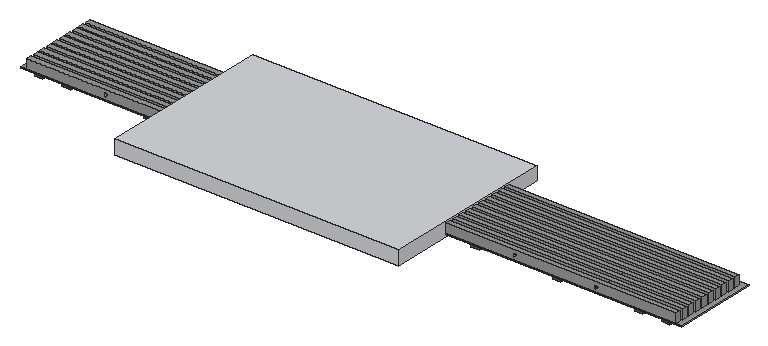
Revit family "1412-10, Veneer", category Generic Models, host Face, Revit 2020
Family settings
  Host = Face
  Can host rebar = No
  Round Connector Dimension = Use Diameter
  Part Type = Normal
  Cut with Voids When Loaded = No
  Shared = No
  Room Calculation Point = No
Parameters
  min_value [instance] = 2' - 4"  # constant formula
  max_value [instance] = 9' - 11 1/4"  # constant formula
  actual_value [instance] = if(NET LENGTH < min_value, min_value, if(NET LENGTH > max_value, max_value, NET LENGTH))  # 7' - 11 1/4"
  SCRIM MATERIAL [instance] = SCRIM
  SCRIM APPEARANCE [instance] = yes
  NET LENGTH [instance] = 7' - 11 1/4"
  IMPORTANT NOTE!!!                                                                             *Backer & dowel layout is for visualization purposes only, final layout to be determined by 9Wood. [instance] = ""
  Default Elevation = 4' - 0"
  DOWEL RADIUS [instance] = 0' - 0 1/4"  # constant formula
  BACKER & DOWEL MATERIAL [instance] = BLACK-BACKERS
  .. MEMBER WIDTH [instance] = 0' - 0 3/4"  # constant formula
  .. MEMBER MATERIAL [instance] = Veneer Cherry
  .. MEMBER DEPTH [instance] = 0' - 1 3/8"  # constant formula
  .. MEMBER COUNT [instance] = 10  # constant formula
Reference planes (in)
  plane 1 "Center (Front/Back)": y = 0
  plane 2: z = 0
  plane 3 "Center (Left/Right)": x = 0
Forms (in)
  Extrusion 1, solid
    sketch origin (0, 0, 0) x (1, 0, 0) y (0, 1, 0)
      loop
        line (-24.24823, 14.63962) -> (-24.24823, -10.69266) -> (17.36192, -10.69266) -> (17.36192, 14.63962) -> (-24.24823, 14.63962)
    from 0 to 2.0625
Dimensions and locks (in)
  aligned and locked: plane 2 to Extrusion 1
Nested families (in)
  nested 1: "1400 series" at (-44.01308, -2.1224, 0.00189), NET LENGTH <- "actual_value", .. MEMBER DEPTH <- ".. MEMBER DEPTH", .. MEMBER WIDTH <- ".. MEMBER WIDTH", DOWEL RADIUS <- "DOWEL RADIUS", BACKER & DOWEL MATERIAL <- "BACKER & DOWEL MATERIAL", .. MEMBER MATERIAL <- ".. MEMBER MATERIAL", SCRIM MATERIAL <- "SCRIM MATERIAL", MEMBER COUNT <- ".. MEMBER COUNT", SCRIM APPEARANCE <- "SCRIM APPEARANCE", type "1400 series"
    with X 7' - 8", SCRIM MATERIAL SCRIM, SCRIM LENGTH 8' - 1", SCRIM APPEARANCE yes, SCRIM 2 0' - 0 7/8", SCRIM 1 0' - 0 3/32", OC TYP 1' - 0", NET LENGTH 7' - 11 1/4", N 8, MEMBER COUNT 10, INSET 2 0' - 0 3/16", INSET 0' - 1", HALF MEMBER WIDTH 0' - 0 3/8", END BACKER yes, DOWEL RADIUS 0' - 0 1/4", DOWEL INDEX 0' - 11 5/8", DOWEL COUNT 7, BACKING M COUNT 8, BACKER WIDTH 0' - 1 1/4", BACKER INDEX 0' - 5 5/8", BACKER DEPTH 0' - 0 1/2", BACKER & DOWEL MATERIAL BLACK-BACKERS, BACKER &  DOWEL LENGTH 0' - 11 7/8", .. MEMBER WIDTH 0' - 0 3/4", .. MEMBER OC TYP 0' - 1.2", .. MEMBER MATERIAL Veneer Cherry, .. MEMBER DEPTH 0' - 1 3/8"
Definition of nested family "1400 series"
  Parameters (values of type "1400 series")
    X [instance] = NET LENGTH - 0' 3 1/4"  # 7' - 2"
    SCRIM MATERIAL [instance] = none
    SCRIM APPEARANCE [instance] = yes
    SCRIM 2 [instance] = 0' - 0 7/8"  # constant formula
    SCRIM 1 [instance] = 0' - 0 3/32"  # constant formula
    OC TYP [instance] = 1' - 0"  # constant formula
    N [instance] = if((X - (rounddown(X / 1' 0") * 1' 0")) > 1' 0", rounddown(X / 1' 0") + 2, rounddown(X / 1' 0") + 1)  # 8
    MEMBER COUNT [instance] = 2
    INSET 5 = 0' - 0 11/16"  # constant formula
    INSET 2 [instance] = 0' - 0 3/16"  # constant formula
    INSET [instance] = 0' - 1"  # constant formula
    END BACKER [instance] = BACKER INDEX > 0' 3 5/8"  # no
    HALF MEMBER WIDTH [instance] = .. MEMBER WIDTH / 2  # 0' - 1 1/8"
    Default Elevation = 0' - 0"
    DOWEL RADIUS [instance] = 0' - 0 1/4"
    DOWEL INDEX [instance] = BACKER INDEX + 0' 6"  # 0' - 8 5/8"
    DOWEL COUNT [instance] = N - 1  # 7
    BACKER WIDTH [instance] = 0' - 1 1/4"  # constant formula
    BACKER INDEX [instance] = (NET LENGTH - ((N - 1) * 1' 0")) / 2  # 0' - 2 5/8"
    BACKER DEPTH [instance] = 0' - 0 1/2"  # constant formula
    BACKING M COUNT [instance] = N  # 8
    BACKER & DOWEL MATERIAL [instance] = none
    BACKER &  DOWEL LENGTH [instance] = 0' - 11 7/8"  # constant formula
    SCRIM LENGTH [instance] = NET LENGTH + (SCRIM 2 * 2)  # 7' - 7"
    .. MEMBER WIDTH [instance] = 0' - 2 1/4"
    .. MEMBER OC TYP [instance] = 1' 0" / MEMBER COUNT  # 0' - 6"
    .. MEMBER MATERIAL [instance] = none
    NET LENGTH [instance] = 7' - 5 1/4"
    .. MEMBER DEPTH [instance] = 0' - 4"
  Reference planes (in)
    plane 1 "Center (Front/Back)": y = 0
    plane 2: z = 0
    plane 3 "Center (Left/Right)": x = 0
    plane 4: x = 89.25
    plane 5: x = 1
    plane 6: x = 88.25
    plane 7: x = 2.625
    plane 8: x = 8.625
    plane 9: x = 14.625
    plane 10: x = 20.625
    plane 11: y = 0.1875
    plane 12: y = 1.125
    plane 13: y = 7.125
    plane 14: y = 12.0625
    plane 15: x = 90.125
    plane 16: x = -0.875
    plane 17: y = 12.15625
    plane 18: y = -0.09375
    plane 19: z = 2.7097
    plane 20: z = 0.49811
    plane 21: z = 0.56061
    plane 22: z = 1.24811
  Lines and regions (in)
    model lines, not visible
      curve 1: line (8.625, 0, 0.99811) -> (8.625, 0, 1.49811)
      curve 2: line (8.625, 0, 1.49811) -> (8.375, 0, 1.24811)
      curve 3: line (8.375, 0, 1.24811) -> (8.875, 0, 1.24811)
      curve 4: line (20.625, 0, 0.99811) -> (20.625, 0, 1.49811)
      curve 5: line (20.625, 0, 1.49811) -> (20.375, 0, 1.24811)
      curve 6: line (20.375, 0, 1.24811) -> (20.875, 0, 1.24811)
      curve 7: line (32.625, 0, 0.99811) -> (32.625, 0, 1.49811)
      curve 8: line (32.625, 0, 1.49811) -> (32.375, 0, 1.24811)
      curve 9: line (32.375, 0, 1.24811) -> (32.875, 0, 1.24811)
      curve 10: line (44.625, 0, 0.99811) -> (44.625, 0, 1.49811)
      curve 11: line (44.625, 0, 1.49811) -> (44.375, 0, 1.24811)
      curve 12: line (44.375, 0, 1.24811) -> (44.875, 0, 1.24811)
      curve 13: line (56.625, 0, 0.99811) -> (56.625, 0, 1.49811)
      curve 14: line (56.625, 0, 1.49811) -> (56.375, 0, 1.24811)
      curve 15: line (56.375, 0, 1.24811) -> (56.875, 0, 1.24811)
      curve 16: line (68.625, 0, 0.99811) -> (68.625, 0, 1.49811)
      curve 17: line (68.625, 0, 1.49811) -> (68.375, 0, 1.24811)
      curve 18: line (68.375, 0, 1.24811) -> (68.875, 0, 1.24811)
      curve 19: line (80.625, 0, 0.99811) -> (80.625, 0, 1.49811)
      curve 20: line (80.625, 0, 1.49811) -> (80.375, 0, 1.24811)
      curve 21: line (80.375, 0, 1.24811) -> (80.875, 0, 1.24811)
  Dimensions and locks (in)
    "INSET": plane 3 "Center (Left/Right)" to plane 5
    "NET LENGTH": plane 3 "Center (Left/Right)" to plane 4
    "INSET": plane 6 to plane 4
    "BACKER INDEX": plane 3 "Center (Left/Right)" to plane 7
    "DOWEL INDEX": plane 3 "Center (Left/Right)" to plane 8
    "OC TYP": plane 7 to plane 9
    "OC TYP": plane 8 to plane 10
    "INSET 2": plane 1 "Center (Front/Back)" to plane 11
    equal spacing: group 1, group 2, group 5, group 6, group 7, group 13, group 14, group 16  (x3)
    equal spacing: group 3, group 4, group 8, group 9, group 10, group 15, group 17  (x3)
    group 11 to group 12 = 0' - 0"  (x2)
    group 11 to group 12 = 0' - 6"
    ".. MEMBER OC TYP": plane 13 to plane 12
    "HALF MEMBER WIDTH": plane 1 "Center (Front/Back)" to plane 12
    "SCRIM 2": plane 16 to plane 3 "Center (Left/Right)"
    "SCRIM 2": plane 4 to plane 15
    "SCRIM 1": plane 18 to plane 1 "Center (Front/Back)"
    "SCRIM 1": plane 17 to plane 14
    "INSET 5": plane 22 to plane 21
    aligned and locked: level to plane 2
    aligned and locked: plane 7 to nested 2
    aligned and locked: plane 5 to nested 1
    aligned and locked: plane 9 to nested 3
    aligned and locked: nested 1 to plane 5
    aligned and locked: nested 2 to plane 11
    aligned and locked: nested 1 to plane 11
    aligned and locked: nested 3 to plane 11
    aligned and locked: nested 4 to plane 11  (x2)
    aligned and locked: plane 10 to nested 5
    aligned and locked: plane 6 to nested 12
    aligned and locked: nested 5 to plane 11
    aligned and locked: plane 11 to nested 12
    aligned and locked: plane 12 to nested 13
    aligned and locked: nested 14 to plane 13
    aligned and locked: plane 14 to nested 8
    aligned and locked: plane 16 to nested 15
    aligned and locked: nested 15 to plane 18
    aligned and locked: nested 15 to plane 17
    aligned and locked: nested 15 to plane 16  (x2)
    aligned and locked: nested 1 to level
    aligned and locked: level to nested 3
    aligned and locked: plane 20 to nested 2
    aligned and locked: plane 20 to nested 1
    aligned and locked: plane 20 to nested 3
    aligned and locked: nested 12 to plane 20
    aligned and locked: nested 15 to plane 20
    aligned and locked: plane 21 to nested 15
    aligned and locked: nested 13 to plane 21
    aligned and locked: plane 22 to nested 4
    aligned and locked: plane 22 to nested 5
    aligned and locked: nested 13 to plane 8
    aligned and locked: plane 10 to nested 13
    aligned and locked: curve 1 to nested 13
    aligned and locked: nested 13 to curve 4
  Automatic sketch dimensions
    curve 3 to curve 1 = 0' - 0 1/4"  (x2)
    curve 1 to curve 3 = 0' - 0 1/4"
    curve 1 to curve 2 = 0' - 0 1/4"
    curve 6 to curve 4 = 0' - 0 1/4"  (x2)
    curve 4 to curve 6 = 0' - 0 1/4"
    curve 4 to curve 5 = 0' - 0 1/4"
    curve 9 to curve 7 = 0' - 0 1/4"  (x2)
    curve 7 to curve 9 = 0' - 0 1/4"
    curve 7 to curve 8 = 0' - 0 1/4"
    curve 12 to curve 10 = 0' - 0 1/4"  (x2)
    curve 10 to curve 12 = 0' - 0 1/4"
    curve 10 to curve 11 = 0' - 0 1/4"
    curve 15 to curve 13 = 0' - 0 1/4"  (x2)
    curve 13 to curve 15 = 0' - 0 1/4"
    curve 13 to curve 14 = 0' - 0 1/4"
    curve 18 to curve 16 = 0' - 0 1/4"  (x2)
    curve 16 to curve 18 = 0' - 0 1/4"
    curve 16 to curve 17 = 0' - 0 1/4"
    curve 21 to curve 19 = 0' - 0 1/4"  (x2)
    curve 19 to curve 21 = 0' - 0 1/4"
    curve 19 to curve 20 = 0' - 0 1/4"
  Nested families (in)
    nested 1: "INSTANCE - 3RD -  EXTEND BOTH SIDES - Parametric Cube.0001" at (1, 0.1875, 0.49811), Length <- "BACKER &  DOWEL LENGTH", Width <- "BACKER WIDTH", Height <- "BACKER DEPTH", Material <- "BACKER & DOWEL MATERIAL", visible <- "END BACKER", type "INSTANCE - 3RD -  EXTEND BOTH SIDES - Parametric Cube.0001"
      with Width 0' - 1 1/4", Material none, Length 0' - 11 7/8", Height 0' - 0 1/2"
    nested 2: "INSTANCE - 2ND -  EXTEND SIDE H CENTER W - Parametric Cube.0001" at (2.625, 0.1875, 0.49811), Width <- "BACKER WIDTH", Length <- "BACKER &  DOWEL LENGTH", Height <- "BACKER DEPTH", Material <- "BACKER & DOWEL MATERIAL", type "INSTANCE - 2ND -  EXTEND SIDE H CENTER W - Parametric Cube.0001"
      with Width 0' - 1 1/4", Material none, Length 0' - 11 7/8", Height 0' - 0 1/2"
    nested 3: "INSTANCE - 2ND -  EXTEND SIDE H CENTER W - Parametric Cube.0001" at (14.625, 0.1875, 0.49811), Width <- "BACKER WIDTH", Length <- "BACKER &  DOWEL LENGTH", Height <- "BACKER DEPTH", Material <- "BACKER & DOWEL MATERIAL", type "INSTANCE - 2ND -  EXTEND SIDE H CENTER W - Parametric Cube.0001"
      with Width 0' - 1 1/4", Material none, Length 0' - 11 7/8", Height 0' - 0 1/2"
    nested 4: "DOWEL" at (-1.375, 0.1875, 1.24811), DOWEL LENGTH <- "BACKER &  DOWEL LENGTH", DOWEL RADII <- "DOWEL RADIUS", BACKING MEM MATERIAL <- "BACKER & DOWEL MATERIAL", type "DOWEL"
      with DOWEL RADII 0' - 0 1/4", DOWEL LENGTH 0' - 11 7/8", BACKING MEM MATERIAL none
    nested 5: "DOWEL" at (10.625, 0.1875, 1.24811), DOWEL LENGTH <- "BACKER &  DOWEL LENGTH", DOWEL RADII <- "DOWEL RADIUS", BACKING MEM MATERIAL <- "BACKER & DOWEL MATERIAL", type "DOWEL"
      with DOWEL RADII 0' - 0 1/4", DOWEL LENGTH 0' - 11 7/8", BACKING MEM MATERIAL none
    nested 6: "INSTANCE - 2ND -  EXTEND SIDE H CENTER W - Parametric Cube.0001" at (26.625, 0.1875, 0.49811), Width <- "BACKER WIDTH", Length <- "BACKER &  DOWEL LENGTH", Height <- "BACKER DEPTH", Material <- "BACKER & DOWEL MATERIAL", type "INSTANCE - 2ND -  EXTEND SIDE H CENTER W - Parametric Cube.0001"
      with Width 0' - 1 1/4", Material none, Length 0' - 11 7/8", Height 0' - 0 1/2"
    nested 7: "INSTANCE - 2ND -  EXTEND SIDE H CENTER W - Parametric Cube.0001" at (38.625, 0.1875, 0.49811), Width <- "BACKER WIDTH", Length <- "BACKER &  DOWEL LENGTH", Height <- "BACKER DEPTH", Material <- "BACKER & DOWEL MATERIAL", type "INSTANCE - 2ND -  EXTEND SIDE H CENTER W - Parametric Cube.0001"
      with Width 0' - 1 1/4", Material none, Length 0' - 11 7/8", Height 0' - 0 1/2"
    nested 8: "INSTANCE - 2ND -  EXTEND SIDE H CENTER W - Parametric Cube.0001" at (50.625, 0.1875, 0.49811), Width <- "BACKER WIDTH", Length <- "BACKER &  DOWEL LENGTH", Height <- "BACKER DEPTH", Material <- "BACKER & DOWEL MATERIAL", type "INSTANCE - 2ND -  EXTEND SIDE H CENTER W - Parametric Cube.0001"
      with Width 0' - 1 1/4", Material none, Length 0' - 11 7/8", Height 0' - 0 1/2"
    nested 9: "DOWEL" at (22.625, 0.1875, 1.24811), DOWEL LENGTH <- "BACKER &  DOWEL LENGTH", DOWEL RADII <- "DOWEL RADIUS", BACKING MEM MATERIAL <- "BACKER & DOWEL MATERIAL", type "DOWEL"
      with DOWEL RADII 0' - 0 1/4", DOWEL LENGTH 0' - 11 7/8", BACKING MEM MATERIAL none
    nested 10: "DOWEL" at (34.625, 0.1875, 1.24811), DOWEL LENGTH <- "BACKER &  DOWEL LENGTH", DOWEL RADII <- "DOWEL RADIUS", BACKING MEM MATERIAL <- "BACKER & DOWEL MATERIAL", type "DOWEL"
      with DOWEL RADII 0' - 0 1/4", DOWEL LENGTH 0' - 11 7/8", BACKING MEM MATERIAL none
    nested 11: "DOWEL" at (46.625, 0.1875, 1.24811), DOWEL LENGTH <- "BACKER &  DOWEL LENGTH", DOWEL RADII <- "DOWEL RADIUS", BACKING MEM MATERIAL <- "BACKER & DOWEL MATERIAL", type "DOWEL"
      with DOWEL RADII 0' - 0 1/4", DOWEL LENGTH 0' - 11 7/8", BACKING MEM MATERIAL none
    nested 12: "INSTANCE - 3RD -  EXTEND BOTH SIDES - Parametric Cube.0001" at (88.25, 0.1875, 0.49811) x (-1, 0, 0) z (0, 0, 1), Width <- "BACKER WIDTH", Length <- "BACKER &  DOWEL LENGTH", Height <- "BACKER DEPTH", Material <- "BACKER & DOWEL MATERIAL", visible <- "END BACKER", type "INSTANCE - 3RD -  EXTEND BOTH SIDES - Parametric Cube.0001"
      with Width 0' - 1 1/4", Material none, Length 0' - 11 7/8", Height 0' - 0 1/2"
    nested 13: "HOLED MEMBER" at (0, -9.75, 8.12965), DOWEL INDEX <- "DOWEL INDEX", .. MEMBER LENGTH <- "NET LENGTH", .. MEMBER WIDTH <- ".. MEMBER WIDTH", DOWEL OC DIST <- "OC TYP", DOWEL RADII <- "DOWEL RADIUS", Material <- ".. MEMBER MATERIAL", DEPTH <- ".. MEMBER DEPTH", DOWEL COUNT <- "DOWEL COUNT", Space <- "INSET 5", type "HOLED MEMBER"
      with Space 0' - 0 11/16", Material none, Height 0' - 10.43096", HALF MEMBER WIDTH 0' - 1 1/8", DOWEL RADII 0' - 0 1/4", DOWEL OC DIST 1' - 0", DOWEL INDEX 0' - 8 5/8", DOWEL COUNT 7, DEPTH 0' - 4", .. MEMBER WIDTH 0' - 2 1/4", .. MEMBER LENGTH 7' - 5 1/4"
    nested 14: "HOLED MEMBER" at (0, -3.75, 8.12965), DOWEL INDEX <- "DOWEL INDEX", .. MEMBER LENGTH <- "NET LENGTH", .. MEMBER WIDTH <- ".. MEMBER WIDTH", DOWEL OC DIST <- "OC TYP", DOWEL RADII <- "DOWEL RADIUS", Material <- ".. MEMBER MATERIAL", DEPTH <- ".. MEMBER DEPTH", DOWEL COUNT <- "DOWEL COUNT", Space <- "INSET 5", type "HOLED MEMBER"
      with Space 0' - 0 11/16", Material none, Height 0' - 10.43096", HALF MEMBER WIDTH 0' - 1 1/8", DOWEL RADII 0' - 0 1/4", DOWEL OC DIST 1' - 0", DOWEL INDEX 0' - 8 5/8", DOWEL COUNT 7, DEPTH 0' - 4", .. MEMBER WIDTH 0' - 2 1/4", .. MEMBER LENGTH 7' - 5 1/4"
    nested 15: "INSTANCE - 3RD -  EXTEND BOTH SIDES - Parametric Cube.0001" at (-0.875, -0.09375, 0.56061), Width <- "SCRIM LENGTH", Material <- "SCRIM MATERIAL", visible <- "SCRIM APPEARANCE", type "INSTANCE - 3RD -  EXTEND BOTH SIDES - Parametric Cube.0001"
      with Width 7' - 7", Material none, Length 1' - 0 1/4", Height 0' - 0 1/16"
    nested 16: "INSTANCE - 2ND -  EXTEND SIDE H CENTER W - Parametric Cube.0001" at (62.625, 0.1875, 0.49811), Width <- "BACKER WIDTH", Length <- "BACKER &  DOWEL LENGTH", Height <- "BACKER DEPTH", Material <- "BACKER & DOWEL MATERIAL", type "INSTANCE - 2ND -  EXTEND SIDE H CENTER W - Parametric Cube.0001"
      with Width 0' - 1 1/4", Material none, Length 0' - 11 7/8", Height 0' - 0 1/2"
    nested 17: "INSTANCE - 2ND -  EXTEND SIDE H CENTER W - Parametric Cube.0001" at (74.625, 0.1875, 0.49811), Width <- "BACKER WIDTH", Length <- "BACKER &  DOWEL LENGTH", Height <- "BACKER DEPTH", Material <- "BACKER & DOWEL MATERIAL", type "INSTANCE - 2ND -  EXTEND SIDE H CENTER W - Parametric Cube.0001"
      with Width 0' - 1 1/4", Material none, Length 0' - 11 7/8", Height 0' - 0 1/2"
    nested 18: "DOWEL" at (58.625, 0.1875, 1.24811), DOWEL LENGTH <- "BACKER &  DOWEL LENGTH", DOWEL RADII <- "DOWEL RADIUS", BACKING MEM MATERIAL <- "BACKER & DOWEL MATERIAL", type "DOWEL"
      with DOWEL RADII 0' - 0 1/4", DOWEL LENGTH 0' - 11 7/8", BACKING MEM MATERIAL none
    nested 19: "INSTANCE - 2ND -  EXTEND SIDE H CENTER W - Parametric Cube.0001" at (86.625, 0.1875, 0.49811), Width <- "BACKER WIDTH", Length <- "BACKER &  DOWEL LENGTH", Height <- "BACKER DEPTH", Material <- "BACKER & DOWEL MATERIAL", type "INSTANCE - 2ND -  EXTEND SIDE H CENTER W - Parametric Cube.0001"
      with Width 0' - 1 1/4", Material none, Length 0' - 11 7/8", Height 0' - 0 1/2"
    nested 20: "DOWEL" at (70.625, 0.1875, 1.24811), DOWEL LENGTH <- "BACKER &  DOWEL LENGTH", DOWEL RADII <- "DOWEL RADIUS", BACKING MEM MATERIAL <- "BACKER & DOWEL MATERIAL", type "DOWEL"
      with DOWEL RADII 0' - 0 1/4", DOWEL LENGTH 0' - 11 7/8", BACKING MEM MATERIAL none
  Definition of nested family "INSTANCE - 3RD -  EXTEND BOTH SIDES - Parametric Cube.0001"
    Parameters (values of type "INSTANCE - 3RD -  EXTEND BOTH SIDES - Parametric Cube.0001")
      Width [instance] = 0' - 6"
      Material [instance] = none
      Length [instance] = 1' - 0"
      Height [instance] = 1' - 6"
      Default Elevation = 0' - 0"
    Reference planes (in)
      plane 1 "Center (Front/Back)": y = 0
      plane 2: z = 0
      plane 3 "Center (Left/Right)": x = 0
      plane 4: x = 6
      plane 5: y = 12
      plane 6: z = -18
    Forms (in)
      Extrusion 1, solid, material <- "Material"
        sketch origin (0, 6, 0) x (1, 0, 0) y (0, 1, 0)
          loop
            line (0, 6) -> (0, -6) -> (6, -6) -> (6, 6) -> (0, 6)
        from -18 to 0
    Dimensions and locks (in)
      "Height": plane 6 to level
      "Length": plane 1 "Center (Front/Back)" to plane 5
      "Width": plane 3 "Center (Left/Right)" to plane 4
      aligned and locked: plane 2 to level
      aligned and locked: Extrusion 1 sketch curve to plane 4
      aligned and locked: Extrusion 1 to plane 6
      aligned and locked: plane 5 to Extrusion 1
      aligned and locked: Extrusion 1 to plane 3 "Center (Left/Right)"
    Automatic sketch dimensions
      plane 1 "Center (Front/Back)" to Extrusion 1 sketch curve = 0' - 0"
      plane 5 to Extrusion 1 sketch curve = 0' - 0"
      Extrusion 1 sketch curve to plane 3 "Center (Left/Right)" = 0' - 0"
  Definition of nested family "INSTANCE - 2ND -  EXTEND SIDE H CENTER W - Parametric Cube.0001"
    Parameters (values of type "INSTANCE - 2ND -  EXTEND SIDE H CENTER W - Parametric Cube.0001")
      Width [instance] = 0' - 6"
      Material [instance] = none
      Length [instance] = 1' - 0"
      Height [instance] = 1' - 6"
      Default Elevation = 0' - 0"
    Reference planes (in)
      plane 1 "Center (Front/Back)": y = 0
      plane 2: z = 0
      plane 3 "Center (Left/Right)": x = 0
      plane 4: x = -3
      plane 5: x = 3
      plane 6: y = 12
      plane 7: z = -18
    Forms (in)
      Extrusion 1, solid, material <- "Material"
        sketch origin (0, 6, 0) x (1, 0, 0) y (0, 1, 0)
          loop
            line (-3, 6) -> (-3, -6) -> (3, -6) -> (3, 6) -> (-3, 6)
        from -18 to 0
    Dimensions and locks (in)
      equal spacing: plane 4, plane 3 "Center (Left/Right)", plane 5
      "Width": plane 4 to plane 5
      "Height": plane 7 to level
      "Length": plane 1 "Center (Front/Back)" to plane 6
      aligned and locked: plane 2 to level
      aligned and locked: plane 4 to Extrusion 1 sketch curve
      aligned and locked: Extrusion 1 sketch curve to plane 5
      aligned and locked: Extrusion 1 to plane 7
      aligned and locked: plane 6 to Extrusion 1
    Automatic sketch dimensions
      plane 1 "Center (Front/Back)" to Extrusion 1 sketch curve = 0' - 0"
      plane 6 to Extrusion 1 sketch curve = 0' - 0"
  Definition of nested family "DOWEL"
    Parameters (values of type "DOWEL")
      Default Elevation = 0' - 0"
      DOWEL RADII [instance] = 0' - 0 5/8"
      DOWEL LENGTH [instance] = 1' - 0"
      BACKING MEM MATERIAL [instance] = none
    Reference planes (in)
      plane 1 "Center (Front/Back)": y = 0
      plane 2: z = 0
      plane 3 "Center (Left/Right)": x = 0
      plane 4: y = 12
    Forms (in)
      Extrusion 1, solid, material <- "BACKING MEM MATERIAL"
        sketch origin (10, 0, 0) x (1, 0, 0) y (0, 0, 1)
          loop
            circle (0, 0) r 0.625
        from 0 to -12
      Extrusion 2, solid, not visible
        sketch origin (0, 0, 0) x (1, 0, 0) y (0, 0, 1)
          loop
            circle (0, 0) r 0.625
        from 0 to 12
      Extrusion 3, solid, not visible
        sketch origin (10, 0, 0) x (1, 0, 0) y (0, 0, 1)
          loop
            circle (0, 0) r 0.625
        from 0 to 2.5
      Extrusion 4, solid, not visible
        sketch origin (10, 0, 0) x (1, 0, 0) y (0, 0, 1)
          loop
            circle (0, 0) r 0.625
        from 0 to -12
    Lines and regions (in)
      model lines, not visible
        curve 1: line (-13, 0, 0) -> (-13, -12, 0)
        curve 2: line (13, 0, 0) -> (13, -12, 0)
        curve 3: line (9.89453, 0, 0) -> (10.08794, 0, 0)
        curve 4: line (9.89453, -2.5, 0) -> (10.08794, -2.5, 0)
        curve 6: line (10, 0, 0) -> (10, 2, 0)
      model lines
        curve 5: line (10, 0, 0) -> (10, 2, 0)
    Dimensions and locks (in)
      "DOWEL LENGTH": plane 1 "Center (Front/Back)" to plane 4
      "DOWEL RADII": radius of Extrusion 1 sketch curve
      "DOWEL RADII": radius of Extrusion 2 sketch curve
      "DOWEL RADII": radius of Extrusion 3 sketch curve
      "DOWEL RADII": radius of Extrusion 4 sketch curve
      "DOWEL RADII": radius of Extrusion 1
      aligned and locked: plane 2 to level
      aligned and locked: Extrusion 1 to plane 1 "Center (Front/Back)"  (x3)
      aligned and locked: plane 1 "Center (Front/Back)" to Extrusion 1
      aligned and locked: plane 4 to Extrusion 1
    Automatic sketch dimensions
      plane 1 "Center (Front/Back)" to curve 5 = 0' - 0"
      curve 5 to plane 1 "Center (Front/Back)" = 0' - 2"
      plane 3 "Center (Left/Right)" to curve 5 = 0' - 10"
      Extrusion 1 sketch curve to level = 0' - 0"
      plane 3 "Center (Left/Right)" to Extrusion 1 sketch curve = 0' - 10"
  Definition of nested family "HOLED MEMBER"
    Parameters (values of type "HOLED MEMBER")
      Space [instance] = 0' - 0 5/8"
      Material [instance] = none
      Height [instance] = 0' - 10.43096"
      HALF MEMBER WIDTH [instance] = .. MEMBER WIDTH / 2  # 0' - 0 5/16"
      Default Elevation = 0' - 0"
      DOWEL RADII [instance] = 0' - 0.34537"
      DOWEL OC DIST [instance] = 1' - 0"
      DOWEL INSET = 0' - 0 5/8"
      DOWEL INDEX [instance] = 0' - 5 5/8"
      DOWEL COUNT [instance] = 6
      DEPTH [instance] = 0' - 2"
      .. MEMBER WIDTH [instance] = 0' - 0 5/8"
      .. MEMBER LENGTH [instance] = 5' - 11 3/4"
    Reference planes (in)
      plane 1 "Center (Front/Back)": y = 12
      plane 2: z = -7.56904
      plane 3 "Center (Left/Right)": x = 0
      plane 4: x = 5.625
      plane 5: x = 17.625
      plane 6: y = 11.375
      plane 7: x = 71.75
      plane 8: y = 11.6875
      plane 9: z = -6.94404
      plane 10: z = -5.56904
    Forms (in)
      Extrusion 1, solid, material <- "Material"
        sketch origin (0, 12, -13.56904) x (1, 0, 0) y (0, 0, 1)
          loop
            line (0, 6) -> (71.75, 6) -> (71.75, 8) -> (0, 8) -> (0, 6)
        from 0.625 to 0
      Extrusion 2, void
        sketch origin (0, 12, -18.31904) x (1, 0, 0) y (0, 0, 1)
          loop
            circle (5.625, 11.375) r 0.34537
        from 0 to 12
      Extrusion 3, void, not visible
        sketch origin (0, 0, 0) x (1, 0, 0) y (0, 1, 0)
          loop
            circle (5.625, 11.375) r 0.34537
        from 0 to 12
      Extrusion 4, void, not visible
        sketch origin (0, 0, 0) x (1, 0, 0) y (0, 1, 0)
          loop
            circle (5.625, 11.375) r 0.34537
        from 0 to 12
      Extrusion 5, void, not visible
        sketch origin (12, 0, 0) x (1, 0, 0) y (0, 1, 0)
          loop
            circle (5.625, 11.375) r 0.34537
        from 0 to 12
      Extrusion 6, void, not visible
        sketch origin (0, 12, -17.56904) x (1, 0, 0) y (0, 0, 1)
          loop
            circle (5.625, 11.375) r 0.34537
        from 0 to 12
      Extrusion 7, void, not visible
        sketch origin (12, 12, -17.56904) x (1, 0, 0) y (0, 0, 1)
          loop
            circle (5.625, 11.375) r 0.34537
        from 0 to 12
      Extrusion 8, void, not visible
        sketch origin (0, 12, -19.56904) x (1, 0, 0) y (0, 0, 1)
          loop
            circle (5.625, 11.375) r 0.34537
        from 0 to 12
      Extrusion 9, void
        sketch origin (12, 12, -18.31904) x (1, 0, 0) y (0, 0, 1)
          loop
            circle (5.625, 11.375) r 0.34537
        from 0 to 12
      Extrusion 10, void
        sketch origin (24, 12, -18.31904) x (1, 0, 0) y (0, 0, 1)
          loop
            circle (5.625, 11.375) r 0.34537
        from 0 to 12
      Extrusion 11, void
        sketch origin (36, 12, -18.31904) x (1, 0, 0) y (0, 0, 1)
          loop
            circle (5.625, 11.375) r 0.34537
        from 0 to 12
      Extrusion 12, void
        sketch origin (48, 12, -18.31904) x (1, 0, 0) y (0, 0, 1)
          loop
            circle (5.625, 11.375) r 0.34537
        from 0 to 12
      Extrusion 13, void
        sketch origin (60, 12, -18.31904) x (1, 0, 0) y (0, 0, 1)
          loop
            circle (5.625, 11.375) r 0.34537
        from 0 to 12
      Extrusion 14, void, not visible
        sketch origin (24, 12, -17.56904) x (1, 0, 0) y (0, 0, 1)
          loop
            circle (5.625, 11.375) r 0.34537
        from 0 to 12
      Extrusion 15, void, not visible
        sketch origin (36, 12, -17.56904) x (1, 0, 0) y (0, 0, 1)
          loop
            circle (5.625, 11.375) r 0.34537
        from 0 to 12
      Extrusion 16, void, not visible
        sketch origin (48, 12, -17.56904) x (1, 0, 0) y (0, 0, 1)
          loop
            circle (5.625, 11.375) r 0.34537
        from 0 to 12
      Extrusion 17, void, not visible
        sketch origin (60, 12, -17.56904) x (1, 0, 0) y (0, 0, 1)
          loop
            circle (5.625, 11.375) r 0.34537
        from 0 to 12
      Extrusion 18, void, not visible
        sketch origin (24, 0, 0) x (1, 0, 0) y (0, 1, 0)
          loop
            circle (5.625, 11.375) r 0.34537
        from 0 to 12
      Extrusion 19, void, not visible
        sketch origin (36, 0, 0) x (1, 0, 0) y (0, 1, 0)
          loop
            circle (5.625, 11.375) r 0.34537
        from 0 to 12
      Extrusion 20, void, not visible
        sketch origin (48, 0, 0) x (1, 0, 0) y (0, 1, 0)
          loop
            circle (5.625, 11.375) r 0.34537
        from 0 to 12
      Extrusion 21, void, not visible
        sketch origin (60, 0, 0) x (1, 0, 0) y (0, 1, 0)
          loop
            circle (5.625, 11.375) r 0.34537
        from 0 to 12
    Cuts and joins
      Extrusion 2, Extrusion 9, Extrusion 10, Extrusion 11, Extrusion 12, Extrusion 13 cuts Extrusion 1
    Lines and regions (in)
      model lines, not visible
        curve 1: line (5.625, 11.72037, 0) -> (5.625, 11.02963, 0)
        curve 2: line (5.625, 11.72037, 0) -> (5.625, 11.02963, 0)
        curve 3: line (17.625, 11.72037, 0) -> (17.625, 11.02963, 0)
        curve 4: line (5.625, 12, -7.56904) -> (5.625, 11.87317, -7.56904)
        curve 5: line (5.625, 11.87317, -7.56904) -> (5.06195, 11.87317, -7.56904)
        curve 6: line (5.06195, 11.87317, -7.56904) -> (5.27963, 11.375, -7.56904)
        curve 7: line (0, 12, -6.19404) -> (0, 11.61951, -6.19404)
        curve 9: line (0, 11.375, -8.19404) -> (0, 11.6747, -8.19404)
        curve 10: line (5.625, 12, -7.56904) -> (5.625, 11.69863, -7.56904)
        curve 11: line (5.625, 12, -7.56904) -> (5.625, 11.69863, -7.56904)
        curve 12: line (5.625, 10.75, 0) -> (5.625, 10.75, 0.30137)
        curve 13: line (5.625, 10.75, 0) -> (5.625, 10.75, 0.30137)
        curve 14: line (17.625, 10.75, 0) -> (17.625, 10.75, 0.30137)
        curve 15: line (5.625, 12, -6.81904) -> (5.625, 11.69863, -6.81904)
        curve 16: line (17.625, 12, -6.81904) -> (17.625, 11.69863, -6.81904)
        curve 17: line (5.625, 12, -8.81904) -> (5.625, 11.69863, -8.81904)
        curve 18: line (17.625, 12, -7.56904) -> (17.625, 11.69863, -7.56904)
        curve 19: line (29.625, 12, -7.56904) -> (29.625, 11.69863, -7.56904)
        curve 20: line (41.625, 12, -7.56904) -> (41.625, 11.69863, -7.56904)
        curve 21: line (53.625, 12, -7.56904) -> (53.625, 11.69863, -7.56904)
        curve 22: line (65.625, 12, -7.56904) -> (65.625, 11.69863, -7.56904)
        curve 23: line (29.625, 12, -6.81904) -> (29.625, 11.69863, -6.81904)
        curve 24: line (41.625, 12, -6.81904) -> (41.625, 11.69863, -6.81904)
        curve 25: line (53.625, 12, -6.81904) -> (53.625, 11.69863, -6.81904)
        curve 26: line (65.625, 12, -6.81904) -> (65.625, 11.69863, -6.81904)
        curve 27: line (29.625, 11.72037, 0) -> (29.625, 11.02963, 0)
        curve 28: line (29.625, 10.75, 0) -> (29.625, 10.75, 0.30137)
        curve 29: line (41.625, 11.72037, 0) -> (41.625, 11.02963, 0)
        curve 30: line (41.625, 10.75, 0) -> (41.625, 10.75, 0.30137)
        curve 31: line (53.625, 11.72037, 0) -> (53.625, 11.02963, 0)
        curve 32: line (53.625, 10.75, 0) -> (53.625, 10.75, 0.30137)
        curve 33: line (65.625, 11.72037, 0) -> (65.625, 11.02963, 0)
        curve 34: line (65.625, 10.75, 0) -> (65.625, 10.75, 0.30137)
        curve 35: line (5.27963, 12, -6.94404) -> (5.97037, 12, -6.94404)
        curve 36: line (5.97037, 12, -6.94404) -> (5.625, 12, -6.59867)
        curve 37: line (5.625, 12, -6.59867) -> (5.625, 12, -7.28941)
        curve 38: line (5.27963, 11.375, 0) -> (5.97037, 11.375, 0)
        curve 39: line (5.97037, 11.375, 0) -> (5.625, 11.72037, 0)
        curve 40: line (5.625, 11.72037, 0) -> (5.625, 11.02963, 0)
        curve 41: line (5.27963, 11.375, 0) -> (5.97037, 11.375, 0)
        curve 42: line (5.97037, 11.375, 0) -> (5.625, 11.72037, 0)
        curve 43: line (5.625, 11.72037, 0) -> (5.625, 11.02963, 0)
        curve 44: line (17.27963, 11.375, 0) -> (17.97037, 11.375, 0)
        curve 45: line (17.97037, 11.375, 0) -> (17.625, 11.72037, 0)
        curve 46: line (17.625, 11.72037, 0) -> (17.625, 11.02963, 0)
        curve 47: line (5.27963, 12, -6.19404) -> (5.97037, 12, -6.19404)
        curve 48: line (5.97037, 12, -6.19404) -> (5.625, 12, -5.84867)
        curve 49: line (5.625, 12, -5.84867) -> (5.625, 12, -6.53941)
        curve 50: line (17.27963, 12, -6.19404) -> (17.97037, 12, -6.19404)
        curve 51: line (17.97037, 12, -6.19404) -> (17.625, 12, -5.84867)
        curve 52: line (17.625, 12, -5.84867) -> (17.625, 12, -6.53941)
        curve 53: line (5.27963, 12, -8.19404) -> (5.97037, 12, -8.19404)
        curve 54: line (5.97037, 12, -8.19404) -> (5.625, 12, -7.84867)
        curve 55: line (5.625, 12, -7.84867) -> (5.625, 12, -8.53941)
        curve 56: line (17.27963, 12, -6.94404) -> (17.97037, 12, -6.94404)
        curve 57: line (17.97037, 12, -6.94404) -> (17.625, 12, -6.59867)
        curve 58: line (17.625, 12, -6.59867) -> (17.625, 12, -7.28941)
        curve 59: line (29.27963, 12, -6.94404) -> (29.97037, 12, -6.94404)
        curve 60: line (29.97037, 12, -6.94404) -> (29.625, 12, -6.59867)
        curve 61: line (29.625, 12, -6.59867) -> (29.625, 12, -7.28941)
        curve 62: line (41.27963, 12, -6.94404) -> (41.97037, 12, -6.94404)
        curve 63: line (41.97037, 12, -6.94404) -> (41.625, 12, -6.59867)
        curve 64: line (41.625, 12, -6.59867) -> (41.625, 12, -7.28941)
        curve 65: line (53.27963, 12, -6.94404) -> (53.97037, 12, -6.94404)
        curve 66: line (53.97037, 12, -6.94404) -> (53.625, 12, -6.59867)
        curve 67: line (53.625, 12, -6.59867) -> (53.625, 12, -7.28941)
        curve 68: line (65.27963, 12, -6.94404) -> (65.97037, 12, -6.94404)
        curve 69: line (65.97037, 12, -6.94404) -> (65.625, 12, -6.59867)
        curve 70: line (65.625, 12, -6.59867) -> (65.625, 12, -7.28941)
        curve 71: line (29.27963, 12, -6.19404) -> (29.97037, 12, -6.19404)
        curve 72: line (29.97037, 12, -6.19404) -> (29.625, 12, -5.84867)
        curve 73: line (29.625, 12, -5.84867) -> (29.625, 12, -6.53941)
        curve 74: line (41.27963, 12, -6.19404) -> (41.97037, 12, -6.19404)
        curve 75: line (41.97037, 12, -6.19404) -> (41.625, 12, -5.84867)
        curve 76: line (41.625, 12, -5.84867) -> (41.625, 12, -6.53941)
        curve 77: line (53.27963, 12, -6.19404) -> (53.97037, 12, -6.19404)
        curve 78: line (53.97037, 12, -6.19404) -> (53.625, 12, -5.84867)
        curve 79: line (53.625, 12, -5.84867) -> (53.625, 12, -6.53941)
        curve 80: line (65.27963, 12, -6.19404) -> (65.97037, 12, -6.19404)
        curve 81: line (65.97037, 12, -6.19404) -> (65.625, 12, -5.84867)
        curve 82: line (65.625, 12, -5.84867) -> (65.625, 12, -6.53941)
        curve 83: line (29.27963, 11.375, 0) -> (29.97037, 11.375, 0)
        curve 84: line (29.97037, 11.375, 0) -> (29.625, 11.72037, 0)
        curve 85: line (29.625, 11.72037, 0) -> (29.625, 11.02963, 0)
        curve 86: line (41.27963, 11.375, 0) -> (41.97037, 11.375, 0)
        curve 87: line (41.97037, 11.375, 0) -> (41.625, 11.72037, 0)
        curve 88: line (41.625, 11.72037, 0) -> (41.625, 11.02963, 0)
        curve 89: line (53.27963, 11.375, 0) -> (53.97037, 11.375, 0)
        curve 90: line (53.97037, 11.375, 0) -> (53.625, 11.72037, 0)
        curve 91: line (53.625, 11.72037, 0) -> (53.625, 11.02963, 0)
        curve 92: line (65.27963, 11.375, 0) -> (65.97037, 11.375, 0)
        curve 93: line (65.97037, 11.375, 0) -> (65.625, 11.72037, 0)
        curve 94: line (65.625, 11.72037, 0) -> (65.625, 11.02963, 0)
      model lines
        curve 8: line (5.625, 12, -7.56904) -> (5.625, 11.69863, -7.56904)
    Dimensions and locks (in)
      "DOWEL INDEX": plane 3 "Center (Left/Right)" to plane 4
      "DOWEL OC DIST": plane 4 to plane 5
      ".. MEMBER LENGTH": plane 3 "Center (Left/Right)" to plane 7
      equal spacing: group 3, group 4, group 21, group 22, group 23, group 24  (x3)
      equal spacing: group 7, group 8, group 17, group 18, group 19, group 20  (x3)
      ".. MEMBER WIDTH": plane 6 to plane 1 "Center (Front/Back)"
      "HALF MEMBER WIDTH": plane 8 to plane 1 "Center (Front/Back)"
      equal spacing: group 1, group 12, group 13, group 14, group 15, group 16  (x2)
      equal spacing: group 16, group 15, group 14, group 13, group 12, group 1
      "DEPTH": plane 10 to level
      "Space": plane 9 to level
      "DOWEL RADII": radius of Extrusion 2 sketch curve
      "DOWEL RADII": radius of Extrusion 3 sketch curve
      "DOWEL RADII": radius of Extrusion 4 sketch curve
      "DOWEL RADII": radius of Extrusion 5 sketch curve
      "DOWEL RADII": radius of Extrusion 6 sketch curve
      "DOWEL RADII": radius of Extrusion 7 sketch curve
      "DOWEL RADII": radius of Extrusion 8 sketch curve
      "DOWEL RADII": radius of Extrusion 9 sketch curve
      "DOWEL RADII": radius of Extrusion 10 sketch curve
      "DOWEL RADII": radius of Extrusion 11 sketch curve
      "DOWEL RADII": radius of Extrusion 12 sketch curve
      "DOWEL RADII": radius of Extrusion 13 sketch curve
      "DOWEL RADII": radius of Extrusion 14 sketch curve
      "DOWEL RADII": radius of Extrusion 15 sketch curve
      "DOWEL RADII": radius of Extrusion 16 sketch curve
      "DOWEL RADII": radius of Extrusion 17 sketch curve
      "DOWEL RADII": radius of Extrusion 18 sketch curve
      "DOWEL RADII": radius of Extrusion 19 sketch curve
      "DOWEL RADII": radius of Extrusion 20 sketch curve
      "DOWEL RADII": radius of Extrusion 21 sketch curve
      aligned and locked: level to plane 2
      aligned and locked: Extrusion 1 to plane 3 "Center (Left/Right)"  (x2)
      aligned and locked: plane 7 to cut or joined group of Extrusion 1, Extrusion 2, Extrusion 9, Extrusion 10, Extrusion 11, Extrusion 12, Extrusion 13  (x2)
      aligned and locked: cut or joined group of Extrusion 1, Extrusion 2, Extrusion 9, Extrusion 10, Extrusion 11, Extrusion 12, Extrusion 13 to plane 1 "Center (Front/Back)"  (x2)
      aligned and locked: cut or joined group of Extrusion 1, Extrusion 2, Extrusion 9, Extrusion 10, Extrusion 11, Extrusion 12, Extrusion 13 to plane 6  (x2)
      aligned and locked: plane 4 to curve 11
      aligned and locked: curve 18 to plane 5
      aligned and locked: plane 4 to group 1
      aligned and locked: group 12 to plane 5
      aligned and locked: curve 35 to plane 9
      aligned and locked: plane 4 to curve 37
      aligned and locked: curve 56 to plane 9
      aligned and locked: curve 58 to plane 5
      aligned and locked: plane 10 to cut or joined group of Extrusion 1, Extrusion 2, Extrusion 9, Extrusion 10, Extrusion 11, Extrusion 12, Extrusion 13  (x2)
      aligned and locked: cut or joined group of Extrusion 1, Extrusion 2, Extrusion 9, Extrusion 10, Extrusion 11, Extrusion 12, Extrusion 13 to level
      aligned and locked: level to cut or joined group of Extrusion 1, Extrusion 2, Extrusion 9, Extrusion 10, Extrusion 11, Extrusion 12, Extrusion 13
    Automatic sketch dimensions
      curve 1 to curve 1 = 0' - 0.69074"
      curve 2 to curve 2 = 0' - 0.69074"
      curve 3 to curve 3 = 0' - 0.69074"
      Extrusion 1 sketch curve to plane 3 "Center (Left/Right)" = 0' - 0"
      Extrusion 1 sketch curve to plane 7 = 0' - 0"
      Extrusion 1 sketch curve to Extrusion 1 sketch curve = 0' - 2"
      Extrusion 1 sketch curve to level = 0' - 0"
      curve 8 to curve 8 = 0' - 0.30137"
      curve 10 to curve 10 = 0' - 0.30137"
      curve 8 to plane 4 = 0' - 0"
      plane 1 "Center (Front/Back)" to curve 8 = 0' - 0"
      plane 1 "Center (Front/Back)" to curve 8 = 0' - 0.30137"
      curve 11 to curve 11 = 0' - 0.30137"
      curve 12 to curve 12 = 0' - 0.30137"
      curve 13 to curve 13 = 0' - 0.30137"
      curve 14 to curve 14 = 0' - 0.30137"
      curve 15 to curve 15 = 0' - 0.30137"
      curve 16 to curve 16 = 0' - 0.30137"
      curve 17 to curve 17 = 0' - 0.30137"
      curve 18 to curve 18 = 0' - 0.30137"
      curve 19 to curve 19 = 0' - 0.30137"
      curve 20 to curve 20 = 0' - 0.30137"
      curve 21 to curve 21 = 0' - 0.30137"
      curve 22 to curve 22 = 0' - 0.30137"
      curve 23 to curve 23 = 0' - 0.30137"
      curve 24 to curve 24 = 0' - 0.30137"
      curve 25 to curve 25 = 0' - 0.30137"
      curve 26 to curve 26 = 0' - 0.30137"
      curve 27 to curve 27 = 0' - 0.69074"
      curve 28 to curve 28 = 0' - 0.30137"
      curve 29 to curve 29 = 0' - 0.69074"
      curve 30 to curve 30 = 0' - 0.30137"
      curve 31 to curve 31 = 0' - 0.69074"
      curve 32 to curve 32 = 0' - 0.30137"
      curve 33 to curve 33 = 0' - 0.69074"
      curve 34 to curve 34 = 0' - 0.30137"
      curve 37 to curve 35 = 0' - 0.34537"  (x2)
      curve 35 to curve 36 = 0' - 0.34537"
      curve 35 to curve 37 = 0' - 0.34537"
      curve 40 to curve 38 = 0' - 0.34537"  (x2)
      curve 38 to curve 39 = 0' - 0.34537"
      curve 38 to curve 40 = 0' - 0.34537"
      curve 43 to curve 41 = 0' - 0.34537"  (x2)
      curve 41 to curve 42 = 0' - 0.34537"
      curve 41 to curve 43 = 0' - 0.34537"
      curve 46 to curve 44 = 0' - 0.34537"  (x2)
      curve 44 to curve 45 = 0' - 0.34537"
      curve 44 to curve 46 = 0' - 0.34537"
      curve 49 to curve 47 = 0' - 0.34537"  (x2)
      curve 47 to curve 48 = 0' - 0.34537"
      curve 47 to curve 49 = 0' - 0.34537"
      curve 52 to curve 50 = 0' - 0.34537"  (x2)
      curve 50 to curve 51 = 0' - 0.34537"
      curve 50 to curve 52 = 0' - 0.34537"
      curve 55 to curve 53 = 0' - 0.34537"  (x2)
      curve 53 to curve 54 = 0' - 0.34537"
      curve 53 to curve 55 = 0' - 0.34537"
      curve 58 to curve 56 = 0' - 0.34537"  (x2)
      curve 56 to curve 57 = 0' - 0.34537"
      curve 56 to curve 58 = 0' - 0.34537"
      curve 61 to curve 59 = 0' - 0.34537"  (x2)
      curve 59 to curve 60 = 0' - 0.34537"
      curve 59 to curve 61 = 0' - 0.34537"
      curve 64 to curve 62 = 0' - 0.34537"  (x2)
      curve 62 to curve 63 = 0' - 0.34537"
      curve 62 to curve 64 = 0' - 0.34537"
      curve 67 to curve 65 = 0' - 0.34537"  (x2)
      curve 65 to curve 66 = 0' - 0.34537"
      curve 65 to curve 67 = 0' - 0.34537"
      curve 70 to curve 68 = 0' - 0.34537"  (x2)
      curve 68 to curve 69 = 0' - 0.34537"
      curve 68 to curve 70 = 0' - 0.34537"
      curve 73 to curve 71 = 0' - 0.34537"  (x2)
      curve 71 to curve 72 = 0' - 0.34537"
      curve 71 to curve 73 = 0' - 0.34537"
      curve 76 to curve 74 = 0' - 0.34537"  (x2)
      curve 74 to curve 75 = 0' - 0.34537"
      curve 74 to curve 76 = 0' - 0.34537"
      curve 79 to curve 77 = 0' - 0.34537"  (x2)
      curve 77 to curve 78 = 0' - 0.34537"
      curve 77 to curve 79 = 0' - 0.34537"
      curve 82 to curve 80 = 0' - 0.34537"  (x2)
      curve 80 to curve 81 = 0' - 0.34537"
      curve 80 to curve 82 = 0' - 0.34537"
      curve 85 to curve 83 = 0' - 0.34537"  (x2)
      curve 83 to curve 84 = 0' - 0.34537"
      curve 83 to curve 85 = 0' - 0.34537"
      curve 88 to curve 86 = 0' - 0.34537"  (x2)
      curve 86 to curve 87 = 0' - 0.34537"
      curve 86 to curve 88 = 0' - 0.34537"
      curve 91 to curve 89 = 0' - 0.34537"  (x2)
      curve 89 to curve 90 = 0' - 0.34537"
      curve 89 to curve 91 = 0' - 0.34537"
      curve 94 to curve 92 = 0' - 0.34537"  (x2)
      curve 92 to curve 93 = 0' - 0.34537"
      curve 92 to curve 94 = 0' - 0.34537"
